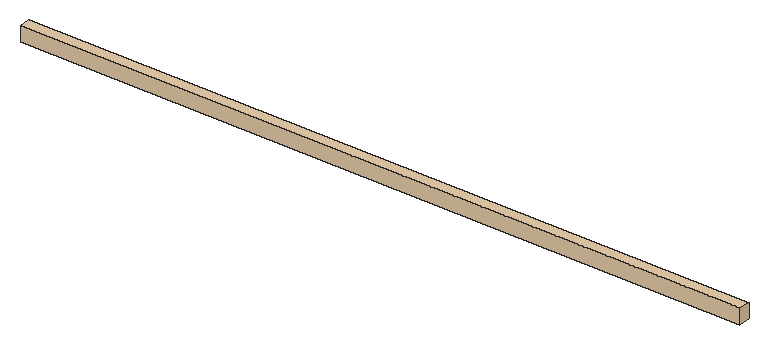
Revit family "TFG_Timber_Framing", category Structural Framing, Revit 2025
Family settings
  Section Shape = Not Defined
  Material for Model Behavior = Other
  Always export as geometry = No
  OmniClass Number = 23.25.30.11.14.14
  OmniClass Title = Beams
  Always vertical = Yes
  Cut with Voids When Loaded = No
  Symbolic Representation = From Project Settings
  Shared = Yes
  Show family pre-cut in plan views = No
Parameters (values of type "3x4")
  d = 0' - 3 1/2"
  b = 0' - 2 1/2"
  _Start_Angle [instance] = 0.00°
  _End_Angle [instance] = 0.00°
  Type Comments = "FLAT 3x4"
  Structural Material = Lumber, Solid Sawn
  Piece Type [instance] = ""
  Length [instance] = 16' - 0"
  A = (b * d) * 144  # 8.75 SF
Types (9): name | d | b | Type Comments | Structural Material | A
  3x4 | 0' - 3 1/2" | 0' - 2 1/2" | "FLAT 3x4" | Lumber, Solid Sawn | 8.75 SF
  2x6 | 0' - 5 1/2" | 0' - 1 1/2" | "2x6" | Lumber, Solid Sawn | 8.25 SF
  2x4 | 0' - 3 1/2" | 0' - 1 1/2" | "2x4" | Lumber, Solid Sawn | 5.25 SF
  3x6 | 0' - 5 1/2" | 0' - 2 1/2" | "3x6" | Lumber, Solid Sawn | 13.75 SF
  2x6 (Ripped to 5") | 0' - 5" | 0' - 1 1/2" | "2x4" | Lumber, Solid Sawn | 7.50 SF
  4x4 | 0' - 3 1/2" | 0' - 3 1/2" | "2x4" | Lumber, Solid Sawn | 12.25 SF
  2x6 Primed Resawn | 0' - 5 1/2" | 0' - 1 1/2" | "2x6" | Blue, Primed | 8.25 SF
  1x6 | 0' - 5 1/2" | 0' - 0 3/4" | "2x6" | Lumber, Solid Sawn | 4.125 SF
  1x4 | 0' - 3 1/2" | 0' - 0 3/4" | "2x4" | Lumber, Solid Sawn | 2.625 SF
Reference planes (in)
  plane 1 "Center (Front/Back)": y = 0
  plane 2 "Center EL": z = 0
  plane 3 "Center (Left/Right)": x = 0
  plane 4 "Left / Start": x = -96
  plane 5 "Member Left": x = -84
  plane 6 "Stick Symbol Left": x = -72
  plane 7 "Right / End": x = 96
  plane 8 "Member Right": x = 84
  plane 9 "Stick Symbol Right": x = 72
  plane 10 "Back": y = -1.25
  plane 11 "Front": y = 1.25
  plane 12 "Bottom": z = -1.75
  plane 13 "Top": z = 1.75
Forms (in)
  Extrusion 1, solid, material "Lumber, Solid Sawn" <- "Structural Material"
    sketch origin (0, 1.25, 0) x (1, 0, 0) y (0, 0, 1)
      loop
        line (84, 1.75) -> (-84, 1.75) -> (-84, -1.75) -> (84, -1.75) -> (84, 1.75)
    from 0 to 2.5
Lines and regions (in)
  reference lines
    curve 1: line (84, 0, -6.25) -> (84, 0, 1.75)
    curve 2: line (-84, 0, -6.25) -> (-84, 0, 1.75)
  symbolic lines
    curve 3: line (0, -1.25, 1.75) -> (0, 1.25, -1.75)
    curve 4: line (0, 1.25, 1.75) -> (0, -1.25, -1.75)
Dimensions and locks (in)
  equal spacing: plane 4 "Left / Start", plane 3 "Center (Left/Right)", plane 7 "Right / End"
  "Length": plane 4 "Left / Start" to plane 7 "Right / End"
  equal spacing: plane 10 "Back", plane 1 "Center (Front/Back)", plane 11 "Front"
  "b": plane 11 "Front" to plane 10 "Back"
  equal spacing: plane 12 "Bottom", plane 2 "Center EL", plane 13 "Top"
  "d": plane 12 "Bottom" to plane 13 "Top"
  "_End_Angle": angle plane 8 "Member Right" to curve 1
  "_Start_Angle": angle curve 2 to plane 5 "Member Left"
  aligned and locked: plane 2 "Center EL" to level
  aligned and locked: plane 8 "Member Right" to curve 1
  aligned and locked: plane 5 "Member Left" to curve 2
  aligned and locked: Extrusion 1 sketch curve to plane 13 "Top"
  aligned and locked: Extrusion 1 sketch curve to plane 12 "Bottom"
  aligned and locked: curve 1 to Extrusion 1 sketch curve
  aligned and locked: Extrusion 1 sketch curve to curve 2
  aligned and locked: Extrusion 1 to plane 10 "Back"
  aligned and locked: plane 13 "Top" to curve 3
  aligned and locked: plane 13 "Top" to curve 4
  aligned and locked: plane 12 "Bottom" to curve 3
  aligned and locked: plane 12 "Bottom" to curve 4
  aligned and locked: plane 10 "Back" to curve 4
  aligned and locked: plane 10 "Back" to curve 3
  aligned and locked: plane 11 "Front" to curve 4
  aligned and locked: plane 11 "Front" to curve 3
  aligned and locked: plane 13 "Top" to curve 1
  aligned and locked: plane 13 "Top" to curve 2
